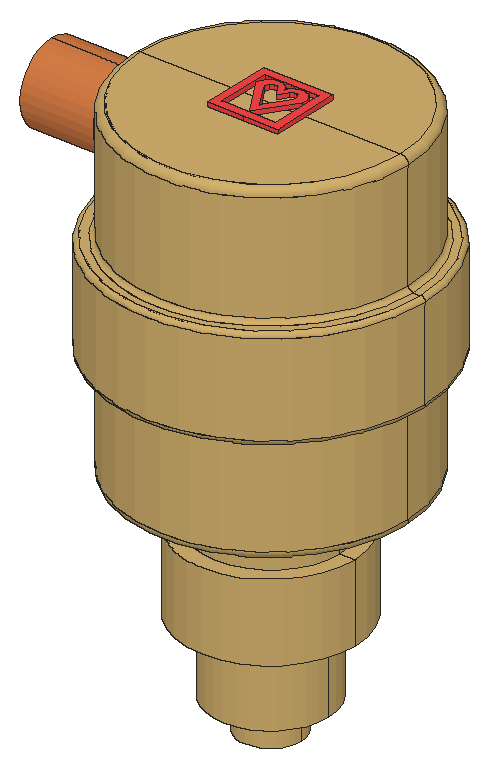
Revit family "Entlüfter 2630 11 (12)", category Rohrzubehör, Revit 2018
Family settings
  Bemaßung runder Anschluss = Durchmesser verwenden
  Teiletyp = Normal
  OmniClass-Nummer = 23.65.55.14
  OmniClass-Titel = Valves for Liquid Services
  Arbeitsebenenbasiert = Nein
  Immer vertikal = Ja
  Beim Laden mit Abzugskörper schneiden = Nein
  Gemeinsam genutzt = Nein
Parameters
  Schwimmer = "Polypropylen"  # constant formula
  SW = 11.000 mm  # constant formula
  SCRNSEQ = "AWI;AWI_TYP=\"1013\";1"
  SCRNCODE = "05;14;01"  # constant formula
  S05 = 19.000 mm  # constant formula
  S04 = 16.500 mm  # constant formula
  S03 = 24.500 mm  # constant formula
  S02 = 11.000 mm  # constant formula
  S01 = 56.000 mm  # constant formula
  Rückflussverhinderer = "Messing CW617N, EN 12165"  # constant formula
  Min.Betriebstemperatur = 0 °C  # constant formula
  Max.Strukturdruck = 1000000.0 Pa  # constant formula
  Max.Betriebstemperatur = 110 °C  # constant formula
  URL = "www.herz-armaturen.at"
  R02 = 0.600 mm  # constant formula
  R01 = 1.000 mm  # constant formula
  Nennweite [instance] = 15.000 mm
  Medium = "Heizungswasser nach ÖNORM H5195 oder VDI- Richtlinie 2035. Die Verwendung von Ethylen- oder Propyleneglykol in einem Mischungsverhältnis von 25 - 50% ist zulässig. EPDM-Dichtungen können durch Mineralöle und Schmiermittel beeinflusst werden, was zum Versagen der EPDM-Dichtungen führen kann. Bitte beachten Sie die Dokumentation des Herstellers, wenn Ethylenglykol-Produkte für den Frost- und Korrosionsschutz verwendet werden."
  Max.Betriebsdruck = 1000000.0 Pa  # constant formula
  L04 = L02 - L03  # 18.800 mm
  L03 = 9.500 mm  # constant formula
  L02 = 28.300 mm  # constant formula
  L01 = 4.000 mm  # constant formula
  Hersteller = "Herz-Armaturen GmbH"  # constant formula
  H11 = 10.000 mm  # constant formula
  H10 = 2.500 mm  # constant formula
  H09 [instance] = if(Nennweite = 10.000 mm, 30.000 mm, 26.000 mm)  # 26.000 mm
  H08 = H00 - 1.000 mm  # 55.000 mm
  H07 = H00 - 7.500 mm  # 48.500 mm
  H06 = 2.500 mm  # constant formula
  H05 = 9.000 mm  # constant formula
  H04 = 14.500 mm  # constant formula
  H03 = 15.500 mm  # constant formula
  H02 = 13.000 mm  # constant formula
  H01 = 9.500 mm  # constant formula
  H00 = 56.000 mm  # constant formula
  Gehäuse = "geschmiedetes Messing nach EN 12165, CW617N"  # constant formula
  G1 [instance] = Nennweite / 2  # 7.500 mm
  G = 5.000 mm  # constant formula
  Dichtung = "EPDM"  # constant formula
  Deckel = "geschmiedetes Messing nach EN 12165, CW617N"  # constant formula
  D08 = 4.000 mm  # constant formula
  D07 = 9.000 mm  # constant formula
  D06 = 3.400 mm  # constant formula
  D05 = 5.100 mm  # constant formula
  D04 = 12.500 mm  # constant formula
  D03 = 11.000 mm  # constant formula
  D02 = 20.000 mm  # constant formula
  D01 = 17.800 mm  # constant formula
  Bestellnummer [instance] = if(Nennweite = 10.000 mm, 1263011, if(Nennweite = 15.000 mm, 1263012, 0))  # 1263012
  Aussengewindeanschluss = "nach ISO 228"  # constant formula
  Anwendungsgebiet = "Der automatische Schnellentlüfter wird in Heizungs- und Kühlungssysteme zur Entlüftung der Anlage verwendet. Das Ventil sollte in der Nähe des Boilers oder am höchsten Punkt der Anlage installiert werden, um eine garantierte Entlüftung der Anlage an die Umgebung zu gewährleisten."
  Abdeckkappe = "ABS Kunststoff, Rot"  # constant formula
Reference planes
  plane 1 "Mitte (Vorne/hinten)": y = 0
  plane 2: z = 0
  plane 3 "Mitte (Links/rechts)": x = 0
Forms (mm)
  Revolve 1, solid, material "Messing", detail levels fine
    sketch origin (0, 0, 0) x (1, 0, 0) y (0, 0, 1)
      loop
        line (0, 56) -> (-16.8, 56)
        arc (-16.8, 56) -> (-17.507, 55.707) -> (-17.8, 55) r 1
        line (-17.8, 55) -> (-17.8, 41.1)
        arc (-17.8, 41.1) -> (-17.976, 40.676) -> (-18.4, 40.5) r 0.6
        line (-18.4, 40.5) -> (-19.4, 40.5)
        arc (-19.4, 40.5) -> (-19.824, 40.324) -> (-20, 39.9) r 0.6
        line (-20, 39.9) -> (-20, 28.1)
        arc (-20, 28.1) -> (-19.824, 27.676) -> (-19.4, 27.5) r 0.6
        line (-19.4, 27.5) -> (-18.4, 27.5)
        arc (-18.4, 27.5) -> (-17.976, 27.324) -> (-17.8, 26.9) r 0.6
        line (-17.8, 26.9) -> (-17.8, 14)
        arc (-17.8, 14) -> (-17.507, 13.293) -> (-16.8, 13) r 1
        line (-16.8, 13) -> (-13.8, 13) -> (-9, 9.5) -> (-5, 9.5) -> (-5, 0) -> (0, 0) -> (0, 56)
      axis (0, 56) -> (0, 0)
    angle from 0 to 360
  Revolve 2, solid, material "Messing", detail levels fine
    sketch origin (0, 0, 0) x (1, 0, 0) y (0, 0, 1)
      loop
        line (0, 48.5) -> (0, 51.9) -> (-18.8, 51.9) -> (-18.8, 48.5) -> (0, 48.5)
      axis (-18.8, 48.5) -> (0, 48.5)
    angle from 0 to 360
  Revolve 3, solid, material "Kunststoff-Orange", detail levels fine
    sketch origin (0, 0, 0) x (1, 0, 0) y (0, 0, 1)
      loop
        line (-28.3, 48.5) -> (-18.8, 48.5) -> (-18.8, 53.6) -> (-28.3, 53.6) -> (-28.3, 48.5)
      axis (-28.3, 48.5) -> (-18.8, 48.5)
    angle from 0 to 360
  Revolve 4, solid, material "Messing", detail levels fine
    sketch origin (0, 0, 0) x (1, 0, 0) y (0, 0, 1)
      loop
        line (-5, 9.5) -> (-9, 9.5) -> (-9, 7) -> (-11, 7) -> (-11, -3) -> (-7.5, -3) -> (-7.5, -12.5) -> (-4, -12.5) -> (-4, -16.5) -> (0, -16.5) -> (0, 0) -> (-5, 0) -> (-5, 9.5)
      axis (0, 9.5) -> (0, -16.5)
    angle from 0 to 360
Lines and regions (mm)
  model lines, detail levels coarse+medium
    curve 1: line (0, 0, 56) -> (-12.587, 0, 43.413)
    curve 2: line (0, 0, 56) -> (12.587, 0, 43.413)
    curve 3: circle (0, 0, 31.5) r 11 normal (0, -1, 0)
    curve 4: line (0, 0, 42.5) -> (0, 0, 56)
    curve 5: line (0, 0, 20.5) -> (0, 0, 0)
    curve 6: line (-9.5, 0, 0) -> (9.5, 0, 0)
    curve 7: line (9.5, 0, 0) -> (-8.886, 0, -16.5)
    curve 8: line (-8.886, 0, -16.5) -> (10.114, 0, -16.5)
    curve 9: circle (-8.886, 0, -16.5) r 5 normal (0, -1, 0)
    curve 10: line (0, 0, 56) -> (0, -12.587, 43.413)
    curve 11: line (0, 0, 56) -> (0, 12.587, 43.413)
    curve 12: circle (0, 0, 31.5) r 11 normal (1, 0, 0)
    curve 13: line (0, -9.5, 0) -> (0, 9.5, 0)
    curve 14: line (0, 9.5, 0) -> (0, -9.5, -16.5)
    curve 15: line (0, -9.5, -16.5) -> (0, 9.5, -16.5)
    curve 16: circle (0, -9.5, -16.5) r 5 normal (1, 0, 0)
    curve 17: line (0, 56, 0) -> (-12.587, 43.413, 0)
    curve 18: line (-12.587, 43.413, 0) -> (0, 56, 0)
    curve 19: line (0, 56, 0) -> (12.587, 43.413, 0)
    curve 20: circle (0, 31.5, 0) r 11 normal (0, 0, 1)
    curve 21: line (0, 42.5, 0) -> (0, 56, 0)
    curve 22: line (0, 20.5, 0) -> (0, 0, 0)
    curve 23: line (-9.5, 0, 0) -> (9.5, 0, 0)
    curve 24: line (9.5, 0, 0) -> (-9.5, -16.5, 0)
    curve 25: line (-9.5, -16.5, 0) -> (9.5, -16.5, 0)
    curve 26: circle (-9.5, -16.5, 0) r 5 normal (0, 0, 1)
Dimensions and locks
  "H02": Revolve 1 sketch curve to Revolve 1 sketch curve
  "H03": Revolve 1 sketch curve to Revolve 1 sketch curve
  "H04": Revolve 1 sketch curve to Revolve 1 sketch curve
  "L01": Revolve 1 sketch curve to Revolve 1 sketch curve  (x2)
  "D01": Revolve 1 sketch curve to Revolve 1 sketch curve  (x2)
  "D02": Revolve 1 sketch curve to Revolve 1 sketch curve
  "H07": Revolve 2 sketch curve to plane 2
  "D06": Revolve 2 sketch curve to Revolve 2 sketch curve
  "L02": plane 3 "Mitte (Links/rechts)" to Revolve 3 sketch curve
  "L03": Revolve 3 sketch curve to Revolve 3 sketch curve
  "D05": Revolve 3 sketch curve to Revolve 3 sketch curve
  "H07": Revolve 3 sketch curve to plane 2
  "L04": plane 3 "Mitte (Links/rechts)" to Revolve 2 sketch curve
  "H08": nested 1 to plane 2
  "G": Revolve 1 sketch curve to Revolve 1 sketch curve
  "H00": Revolve 1 sketch curve to Revolve 1 sketch curve
  "H01": Revolve 1 sketch curve to Revolve 1 sketch curve
  "G1": Revolve 4 sketch curve to Revolve 4 sketch curve
  "D07": Revolve 4 sketch curve to Revolve 4 sketch curve
  "D08": Revolve 4 sketch curve to Revolve 4 sketch curve
  "H09": Revolve 4 sketch curve to Revolve 4 sketch curve
  "H01": Revolve 4 sketch curve to Revolve 4 sketch curve  (x2)
  "H10": Revolve 4 sketch curve to Revolve 4 sketch curve
  "H11": Revolve 4 sketch curve to Revolve 4 sketch curve
  "SW": Revolve 4 sketch curve to Revolve 4 sketch curve
  "G": Revolve 4 sketch curve to Revolve 4 sketch curve
  "S01": curve 4 to plane 2
  "D01": curve 1 to curve 1
  "D01": curve 2 to curve 2
  "S03": curve 4 to curve 3
  "S05": curve 6 to curve 7
  "S05": curve 8 to curve 8
  "S04": curve 6 to curve 8
  "S01": curve 11 to plane 2
  "D01": curve 10 to curve 10
  "D01": curve 11 to curve 11
  "S03": curve 11 to curve 12
  "S04": curve 15 to curve 13
  "S05": curve 13 to curve 14
  "S05": curve 15 to curve 15
  "S01": plane 1 "Mitte (Vorne/hinten)" to curve 19
  "S03": curve 19 to curve 20
  "D01": curve 18 to curve 18
  "D01": curve 19 to curve 19
  "S05": curve 23 to curve 24
  "S05": curve 25 to curve 24
  "S04": curve 25 to curve 23
  "R01": radius of Revolve 1 sketch curve  (x2)
  "R02": radius of Revolve 1 sketch curve  (x4)
  "S02": radius of curve 3
  "S02": radius of curve 12
  "S02": radius of curve 20
  angle curve 1 to curve 4 = 45.00°
  angle curve 4 to curve 2 = 45.00°
  angle curve 10 to plane 1 "Mitte (Vorne/hinten)" = 45.00°
  angle plane 1 "Mitte (Vorne/hinten)" to curve 11 = 45.00°
  angle curve 18 to curve 21 = 45.00°
  angle curve 21 to curve 19 = 45.00°
  aligned and locked: level to plane 2
Automatic sketch dimensions
  curve 13 to level = 0.000 mm
  curve 10 to plane 1 "Mitte (Vorne/hinten)" = 0.000 mm
  curve 12 to plane 1 "Mitte (Vorne/hinten)" = 0.000 mm
  plane 1 "Mitte (Vorne/hinten)" to curve 14 = 9.500 mm
  curve 16 to curve 14 = 0.000 mm  (x2)
  curve 13 to plane 1 "Mitte (Vorne/hinten)" = 9.500 mm
  curve 6 to level = 0.000 mm
  curve 4 to plane 3 "Mitte (Links/rechts)" = 0.000 mm
  curve 5 to plane 3 "Mitte (Links/rechts)" = 0.000 mm
  curve 3 to plane 3 "Mitte (Links/rechts)" = 0.000 mm
  curve 9 to plane 3 "Mitte (Links/rechts)" = 8.886 mm
  curve 8 to curve 9 = 0.000 mm
  plane 3 "Mitte (Links/rechts)" to curve 6 = 9.500 mm
  curve 9 to curve 7 = 0.000 mm
  plane 1 "Mitte (Vorne/hinten)" to curve 23 = 0.000 mm
  curve 21 to plane 3 "Mitte (Links/rechts)" = 0.000 mm
  curve 22 to plane 3 "Mitte (Links/rechts)" = 0.000 mm
  curve 20 to plane 3 "Mitte (Links/rechts)" = 0.000 mm
  curve 26 to plane 3 "Mitte (Links/rechts)" = 9.500 mm
  curve 24 to curve 26 = 0.000 mm
  curve 22 to curve 23 = 9.500 mm
  curve 26 to curve 24 = 0.000 mm
  Revolve 1 sketch curve to level = 0.000 mm
  Revolve 1 sketch curve to plane 3 "Mitte (Links/rechts)" = 0.000 mm
  plane 3 "Mitte (Links/rechts)" to Revolve 1 sketch curve = 0.000 mm
  Revolve 1 sketch curve to Revolve 1 sketch curve = 2000.000 mm
  Revolve 1 sketch curve to Revolve 1 sketch curve = 1932.500 mm
  Revolve 2 sketch curve to plane 3 "Mitte (Links/rechts)" = 0.000 mm  (x2)
  Revolve 2 sketch curve to Revolve 2 sketch curve = 0.000 mm  (x2)
  Revolve 3 sketch curve to Revolve 3 sketch curve = 0.000 mm  (x3)
  Revolve 4 sketch curve to level = 0.000 mm
  Revolve 4 sketch curve to plane 3 "Mitte (Links/rechts)" = 0.000 mm  (x2)
  Revolve 4 sketch curve to Revolve 4 sketch curve = 340.545 mm
  Revolve 4 sketch curve to Revolve 4 sketch curve = 2204.815 mm
  radius of curve 16 = 5.000 mm
  radius of curve 9 = 5.000 mm
  radius of curve 26 = 5.000 mm
Nested families
  nested 1: "Herz-Logo" at (0, 0, 55), type "Herz-Logo", detail levels fine
Connectors
  piping at (0, 0, -12.5), diameter 15, driven by "Nennweite"
    settings: on Revolve 4, index 1, connector inside diameter 609.6 mm, connector length 0.000 mm, flow factor 0, pipe flow 0.0 L/s, pressure drop 0.0 Pa, fitting loss kfactor 0, connector angle 0.00°, fixture units 0, engagement length 0.000 mm, angle of deflection 0.00°, flow configuration 0, flow direction 0, fitting loss method 0, system type 7, joint type 0, gender type 0, connector reference index -1, connector utility 0, adjustable connector no, is connector primary yes, connector description ""
Definition of nested family "Herz-Logo"
  Reference planes
    plane 1 "Mitte (Vorne/hinten)": y = 0
    plane 2: z = 0
    plane 3 "Mitte (Links/rechts)": x = 0
  Forms (mm)
    Extrusion 1, solid
      sketch origin (0, 0, 0) x (1, 0, 0) y (0, 1, 0)
        loop
          line (-0.018, -4.517) -> (4.482, -4.517) -> (4.482, 4.483) -> (-4.518, 4.483) -> (-4.518, -4.517) -> (-0.018, -4.517)
        loop
          line (-0.05, -3.48) -> (3.482, -3.48) -> (3.482, 3.483) -> (-3.518, 3.483) -> (-3.518, -3.48) -> (-0.05, -3.48)
        loop
          arc (-0.018, 2.383) -> (-1.543, 3.287) -> (-3.067, 2.383) r 1.738
          arc (-3.067, 2.383) -> (-3.191, 1.899) -> (-3.067, 1.415) r 1.009
          line (-3.067, 1.415) -> (-0.018, -3.281) -> (3.032, 1.415)
          arc (3.032, 1.415) -> (3.156, 1.899) -> (3.032, 2.383) r 1.009
          arc (3.032, 2.383) -> (1.507, 3.287) -> (-0.018, 2.383) r 1.738
        loop
          arc (1.885, 1.272) -> (2.005, 1.675) -> (1.885, 2.079) r 0.74
          arc (1.885, 2.079) -> (1.265, 2.416) -> (0.644, 2.079) r 0.74
          line (0.644, 2.079) -> (-0.018, 0.97) -> (-0.679, 2.079)
          arc (-0.679, 2.079) -> (-1.3, 2.416) -> (-1.921, 2.079) r 0.74
          arc (-1.921, 2.079) -> (-2.04, 1.675) -> (-1.921, 1.272) r 0.74
          line (-1.921, 1.272) -> (-0.018, -1.658) -> (1.885, 1.272)
      from 0 to 1.5
  Dimensions and locks
    aligned and locked: level to plane 2
